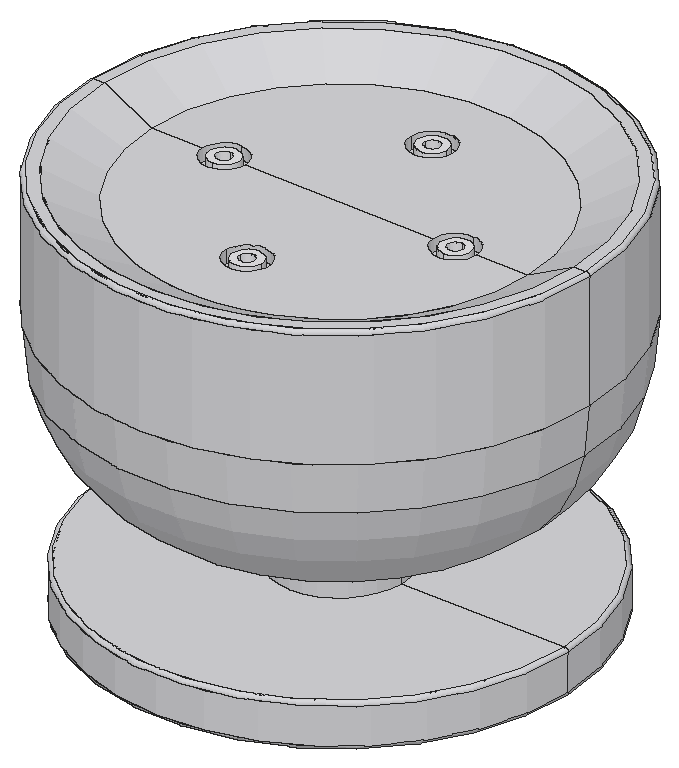
Revit family "Shower-Body_Spray-KOHLER-K-26299T_1", category Plumbing Fixtures, host Face, Revit 2017
Family settings
  Host = Face
  Round Connector Dimension = Use Diameter
  Part Type = Normal
  OmniClass Number = 23.31.17.00
  OmniClass Title = Showers
  Cut with Voids When Loaded = No
  Shared = No
  Room Calculation Point = No
Parameters (values of type "CP-Polished Chrome")
  Width = 2 97/128"  # constant formula
  WaterSense Certified = 1 = 0  # no
  Waste Water Outlet = "Waste Water Outlet"  # constant formula
  Waste Connection = 1 = 0  # no
  Vent Connection = 1 = 0  # no
  URL = "http://www.kohler.com.cn/"
  Type = 1
  Product Page URL = ""
  Product Name = ""
  Product Documentation Link = ""
  Pressure = 80.00 psi  # constant formula
  Model = if(Type = 1, "K-26299T-CP", if(Type = 2, "K-26299T-BN", if(Type = 3, "K-26299T-BL", if(Type = 4, "K-26299T-AF", if(Type = 5, "K-26299T-RGD", if(Type = 6, "K-26299T-2MB", "NA"))))))  # "K-26299T-CP"
  Material = "Plastic"  # constant formula
  Master Format 2014 Name = "Residential Showers"  # constant formula
  Master Format 2014 = "22 42 23"  # constant formula
  Manufacturer Address = "Kohler Beijing Office (100016) 36-2-03-B, No. 88, Liuxiang Road, Beijing"  # constant formula
  Manufacturer = "KOHLER Co."  # constant formula
  Length = 2 17/128"  # constant formula
  Hot Water Inlet = "Tempered Water Inlet"  # constant formula
  Height = 2 97/128"  # constant formula
  HW Connection = 1 = 1  # yes
  Flow Rate = 2.5 GPM  # constant formula
  Finish = KOHLER-Plastic-CP-Polished_Chrome
  Environmental Product Declaration = ""
  Drain Included = 1 = 0  # no
  Description = "Round Rotator Body Spray"  # constant formula
  Default Elevation = 42"
  Declare Label = ""
  Date Modified = "02/04/2021"  # constant formula
  Date Created = "02/04/2021"  # constant formula
  Copyright = "Copyright KOHLER Co."  # constant formula
  Contact Us = "http://www.kohler.com.cn/contact/contact-us/"
  Cold Water Inlet = "Cold Water Inlet"  # constant formula
  CW Connection = 1 = 0  # no
  Assembly Code = "D2010700"
  ADA Compliant = 1 = 0  # no
Types (7): name | Type | Model | Finish
  (no name) | 1 | "K-26299T-CP" | KOHLER-Plastic-CP-Polished_Chrome
  CP-Polished Chrome | 1 | "K-26299T-CP" | KOHLER-Plastic-CP-Polished_Chrome
  BN-Vibrant Brushed Nickel | 2 | "K-26299T-BN" | KOHLER-Plastic-BN-Vibrant_Brushed_Nickel
  BL-Matte Black | 3 | "K-26299T-BL" | KOHLER-Plastic-BL-Matte_Black
  AF-Vibrant French Gold | 4 | "K-26299T-AF" | KOHLER-Plastic-AF-Vibrant_French_Gold
  RGD-Rose Gold | 5 | "K-26299T-RGD" | Kohler-Plastic-RGD-Rose_Gold
  2MB-Vibrant Brushed Moderne Brass | 6 | "K-26299T-2MB" | KOHLER-Plastic-2MB-Vibrant_Brushed_Moderne_Brass
Reference planes (in)
  plane 1 "Center (Front/Back)": y = 0
  plane 2: z = 0
  plane 3 "Center (Left/Right)": x = 0
  plane 4: x = 1.37795
  plane 5: y = 1.37795
  plane 6: y = -1.37986
  plane 7: x = -1.37986
  plane 8: z = -0.00105
  plane 9: z = 0.23622
  plane 10: x = -1.25984
  plane 11: x = 1.25984
  plane 12: z = 2.13281
Dimensions and locks (in)
  "Width": plane 7 to plane 4
  "Height": plane 6 to plane 5
  "Length": plane 12 to level
  plane 9 to plane 12 = 1.89659"
  aligned and locked: plane 2 to host face
  aligned and locked: level to host face
  aligned and locked: plane 3 "Center (Left/Right)" to nested 1
  aligned and locked: plane 1 "Center (Front/Back)" to nested 1
  aligned and locked: level to nested 1
Automatic sketch dimensions
  host sketch curve to host sketch curve = 96"  (x2)
Nested families (in)
  nested 1: "K-26299T" at (0, 0, -2.21654), type "K-26299T"
Connectors (in)
  piping at (0, 0, 0), diameter 0.5, driven by "Flow Rate", driven by "Pressure", driven by "HW Connection", driven by "Hot Water Inlet"
    settings: on nested 1, index 1, connector inside diameter 24", connector length 0", flow factor 0, pipe flow 2.5 GPM, pressure drop 80.00 psi, fitting loss kfactor 0, connector angle 0.00°, fixture units 0, engagement length 0", angle of deflection 0.00°, flow configuration 1, flow direction 1, fitting loss method 4, system type 19, joint type 0, gender type 0, connector reference index -1, connector utility 1, adjustable connector no, is connector primary yes, connector description "Tempered Water Inlet"
Definition of nested family "K-26299T"
  Parameters (values of type "K-26299T")
    Material = none
  Reference planes (in)
    plane 1 "Center (Front/Back)": y = 0
    plane 2: z = 0
    plane 3 "Center (Left/Right)": x = 0
    plane 4: x = 1.37795
    plane 5: y = 1.37795
    plane 6: x = -1.37795
    plane 7: y = -1.37795
    plane 8: z = 4.35039
    plane 9: z = 2.45276
    plane 10: z = 2.21654
    plane 11: x = 1.25984
    plane 12: x = -1.25984
  Forms (in)
    Revolve 1, solid, material <- "Material", detail levels medium+fine
      sketch origin (0, 0, 0) x (1, 0, 0) y (0, 0, 1)
        loop
          line (0, 4.35039) -> (-1.35675, 4.35039)
          arc (-1.35675, 4.35039) -> (-1.37174, 4.34418) -> (-1.37795, 4.32919) r 0.0212
          line (-1.37795, 4.32919) -> (-1.37795, 3.69162)
          arc (-1.37795, 3.69162) -> (-1.37117, 3.56508) -> (-1.35297, 3.43967) r 1.39943
          arc (-1.35297, 3.43967) -> (-1.16704, 3.05311) -> (-0.81416, 2.80926) r 0.83772
          arc (-0.81416, 2.80926) -> (-0.67856, 2.77329) -> (-0.5388, 2.76117) r 0.81244
          arc (-0.5388, 2.76117) -> (-0.40049, 2.70388) -> (-0.34319, 2.56557) r 0.1956
          line (-0.34319, 2.56557) -> (-0.34319, 2.45276) -> (0, 2.45276) -> (0, 4.35039)
        axis (0, 2.45276) -> (0, 4.35039)
      angle from 0 to 360
    Revolve 2, void
      sketch origin (0, 0, 0) x (1, 0, 0) y (0, 0, 1)
        loop
          line (0, 4.21941) -> (0, 4.39983) -> (-1.39173, 4.39983) -> (-1.03764, 4.21941) -> (0, 4.21941)
        axis (0, 4.39983) -> (0, 4.21941)
      angle from 0 to 360
    Extrusion 3, void
      sketch origin (0, 0, 0) x (1, 0, 0) y (0, 1, 0)
        loop
          circle (0, -0.6381) r 0.11811
      from 4.15185 to 4.49858
    Extrusion 4, void
      sketch origin (0, 0, 0) x (1, 0, 0) y (0, 1, 0)
        loop
          circle (0, 0.6381) r 0.11811
      from 4.15185 to 4.49858
    Extrusion 5, void
      sketch origin (0, 0, 0) x (0, 1, 0) y (-1, 0, 0)
        loop
          circle (0, 0.6381) r 0.11811
      from 4.15185 to 4.49858
    Extrusion 6, void
      sketch origin (0, 0, 0) x (0, 1, 0) y (-1, 0, 0)
        loop
          circle (0, -0.6381) r 0.11811
      from 4.15185 to 4.49858
    Revolve 7, solid, material <- "Material", detail levels medium+fine
      sketch origin (0, 0, 0) x (1, 0, 0) y (0, 0, 1)
        loop
          line (0, 2.21654) -> (0, 2.45276) -> (-1.23861, 2.45276)
          arc (-1.23861, 2.45276) -> (-1.25362, 2.44654) -> (-1.25984, 2.43152) r 0.02123
          line (-1.25984, 2.43152) -> (-1.25984, 2.23622)
          arc (-1.25984, 2.23622) -> (-1.25408, 2.2223) -> (-1.24016, 2.21654) r 0.01969
          line (-1.24016, 2.21654) -> (0, 2.21654)
        axis (0, 2.21654) -> (0, 2.45276)
      angle from 0 to 360
    Revolve 8, solid, material <- "Material", detail levels coarse
      sketch origin (0, 0, 0) x (1, 0, 0) y (0, 0, 1)
        loop
          line (-1.30906, 2.21654) -> (0, 2.21654) -> (0, 2.45276) -> (-1.30906, 2.45276) -> (-1.30906, 2.21654)
        axis (0, 2.21654) -> (0, 2.45276)
      angle from 0 to 360
    Extrusion 9, solid, material <- "Material", detail levels medium+fine
      sketch origin (0, 0, 0) x (1, 0, 0) y (0, 1, 0)
        loop
          circle (0, 0) r 0.25
      from 2.21654 to 2.30336
    Extrusion 10, solid, detail levels medium+fine
      sketch origin (0, 0, 0) x (1, 0, 0) y (0, 1, 0)
        loop
          circle (0, 0.6381) r 0.07874
        loop
          circle (0, 0.6381) r 0.04061
      from 4.15185 to 4.21941
    Extrusion 11, solid, detail levels medium+fine
      sketch origin (0, 0, 0) x (0, -1, 0) y (1, 0, 0)
        loop
          circle (0, 0.6381) r 0.07874
        loop
          circle (0, 0.6381) r 0.04061
      from 4.15185 to 4.21941
    Extrusion 12, solid, detail levels medium+fine
      sketch origin (0, 0, 0) x (0, -1, 0) y (1, 0, 0)
        loop
          circle (0, -0.6381) r 0.07874
        loop
          circle (0, -0.6381) r 0.04061
      from 4.15185 to 4.21941
    Extrusion 13, solid, detail levels medium+fine
      sketch origin (0, 0, 0) x (1, 0, 0) y (0, 1, 0)
        loop
          circle (0, -0.6381) r 0.07874
        loop
          circle (0, -0.6381) r 0.04061
      from 4.15185 to 4.21941
    Revolve 14, solid, material <- "Material", detail levels coarse
      sketch origin (0, 0, 0) x (1, 0, 0) y (0, 0, 1)
        loop
          line (-0.59055, 2.45276) -> (0, 2.45276) -> (0, 4.35752) -> (-1.47842, 4.35752) -> (-1.47842, 3.57012)
          arc (-1.47842, 3.57012) -> (-1.22261, 2.915) -> (-0.59055, 2.60659) r 0.96676
          line (-0.59055, 2.60659) -> (-0.59055, 2.45276)
        axis (0, 2.45276) -> (0, 4.35752)
      angle from 0 to 360
  Cuts and joins
    Revolve 2, Extrusion 3, Extrusion 4, Extrusion 5, Extrusion 6 cuts Revolve 1
    joined: Revolve 1, Revolve 7
    joined: Revolve 8, Revolve 14
    joined: Extrusion 10, Extrusion 11, Extrusion 12, Extrusion 13
  Lines and regions (in)
    Masking region 1
      outline origin (0, 0, 0) x (1, 0, 0) y (0, 1, 0)
        loop
          circle (0, 0) r 1.37795
    Masking region 2
      outline origin (0, 0, 0) x (1, 0, 0) y (0, 0, 1)
        loop
          arc (-1.23906, 2.45276) -> (-1.25376, 2.44667) -> (-1.25984, 2.43197) r 0.02078
          line (-1.25984, 2.43197) -> (-1.25984, 2.23719)
          arc (-1.25984, 2.23719) -> (-1.25379, 2.22258) -> (-1.23919, 2.21654) r 0.02065
          line (-1.23919, 2.21654) -> (1.23919, 2.21654)
          arc (1.23919, 2.21654) -> (1.25379, 2.22258) -> (1.25984, 2.23719) r 0.02065
          line (1.25984, 2.23719) -> (1.25984, 2.43197)
          arc (1.25984, 2.43197) -> (1.25376, 2.44667) -> (1.23906, 2.45276) r 0.02078
          line (1.23906, 2.45276) -> (0.34319, 2.45276) -> (0.34319, 2.55736)
          arc (0.34319, 2.55736) -> (0.40333, 2.70255) -> (0.54852, 2.76269) r 0.20533
          arc (0.54852, 2.76269) -> (1.04999, 2.93537) -> (1.33883, 3.38018) r 0.81449
          arc (1.33883, 3.38018) -> (1.37019, 3.55507) -> (1.37795, 3.73258) r 1.32972
          line (1.37795, 3.73258) -> (1.37795, 4.33071)
          arc (1.37795, 4.33071) -> (1.37219, 4.34463) -> (1.35827, 4.35039) r 0.01969
          line (1.35827, 4.35039) -> (-1.35827, 4.35039)
          arc (-1.35827, 4.35039) -> (-1.37219, 4.34463) -> (-1.37795, 4.33071) r 0.01969
          line (-1.37795, 4.33071) -> (-1.37795, 3.73258)
          arc (-1.37795, 3.73258) -> (-1.37019, 3.55507) -> (-1.33883, 3.38018) r 1.32972
          arc (-1.33883, 3.38018) -> (-1.04999, 2.93537) -> (-0.54852, 2.76269) r 0.81449
          arc (-0.54852, 2.76269) -> (-0.40333, 2.70255) -> (-0.34319, 2.55736) r 0.20533
          line (-0.34319, 2.55736) -> (-0.34319, 2.45276) -> (-1.23906, 2.45276)
    Masking region 3
      outline origin (0, 0, 0) x (0, 1, 0) y (0, 0, 1)
        loop
          arc (1.24051, 2.21654) -> (1.25461, 2.22237) -> (1.26045, 2.23647) r 0.01994
          line (1.26045, 2.23647) -> (1.26045, 2.43116)
          arc (1.26045, 2.43116) -> (1.25413, 2.44643) -> (1.23886, 2.45276) r 0.02159
          line (1.23886, 2.45276) -> (0.34319, 2.45276) -> (0.34319, 2.5615)
          arc (0.34319, 2.5615) -> (0.40246, 2.70458) -> (0.54555, 2.76385) r 0.20235
          arc (0.54555, 2.76385) -> (1.08967, 2.97054) -> (1.35935, 3.48634) r 0.81957
          arc (1.35935, 3.48634) -> (1.37152, 3.61274) -> (1.37795, 3.73955) r 2.79868
          line (1.37795, 3.73955) -> (1.37795, 4.33071)
          arc (1.37795, 4.33071) -> (1.37219, 4.34463) -> (1.35827, 4.35039) r 0.01969
          line (1.35827, 4.35039) -> (-1.35827, 4.35039)
          arc (-1.35827, 4.35039) -> (-1.37219, 4.34463) -> (-1.37795, 4.33071) r 0.01969
          line (-1.37795, 4.33071) -> (-1.37795, 3.73955)
          arc (-1.37795, 3.73955) -> (-1.37152, 3.61274) -> (-1.35935, 3.48634) r 2.79868
          arc (-1.35935, 3.48634) -> (-1.08967, 2.97054) -> (-0.54555, 2.76385) r 0.81957
          arc (-0.54555, 2.76385) -> (-0.40246, 2.70458) -> (-0.34319, 2.5615) r 0.20235
          line (-0.34319, 2.5615) -> (-0.34319, 2.45276) -> (-1.23886, 2.45276)
          arc (-1.23886, 2.45276) -> (-1.25413, 2.44643) -> (-1.26045, 2.43116) r 0.02159
          line (-1.26045, 2.43116) -> (-1.26045, 2.23647)
          arc (-1.26045, 2.23647) -> (-1.25461, 2.22237) -> (-1.24051, 2.21654) r 0.01994
          line (-1.24051, 2.21654) -> (1.24051, 2.21654)
    symbolic lines, detail levels medium+fine
      curve 1: circle (0, 0, 0) r 1.06399 normal (0, 0, -1)
      curve 2: circle (0, 0, 0) r 1.29472 normal (0, 0, -1)
      curve 3: circle (0, 0.6381, 0) r 0.11811 normal (0, 0, 1)
      curve 4: circle (0.6381, 0, 0) r 0.11811 normal (0, 0, 1)
      curve 5: circle (0, -0.6381, 0) r 0.11811 normal (0, 0, -1)
      curve 6: circle (-0.6381, 0, 0) r 0.11811 normal (0, 0, -1)
      curve 7: line (-0.34319, 0, 2.45276) -> (0.34319, 0, 2.45276)
      curve 8: line (-0.34319, 0, 2.55736) -> (0.34319, 0, 2.55736)
      curve 9: line (-0.54852, 0, 2.76269) -> (0.54852, 0, 2.76269)
      curve 10: line (-1.37795, 0, 3.73258) -> (1.37795, 0, 3.73258)
      curve 11: line (-1.37795, 0, 4.33071) -> (1.37795, 0, 4.33071)
      curve 12: line (0, 1.37795, 3.69162) -> (0, -1.37795, 3.69162)
      curve 13: line (0, 0.54555, 2.76385) -> (0, -0.54555, 2.76385)
      curve 14: line (0, 0.34319, 2.5615) -> (0, -0.34319, 2.5615)
      curve 15: line (0, 0.34319, 2.45276) -> (0, -0.34319, 2.45276)
      curve 16: circle (-0.6381, 0, 0) r 0.07874 normal (0, 0, 1)
      curve 17: circle (-0.6381, 0, 0) r 0.04061 normal (0, 0, -1)
      curve 18: circle (0.6381, 0, 0) r 0.07874 normal (0, 0, -1)
      curve 19: circle (0.6381, 0, 0) r 0.04061 normal (0, 0, 1)
      curve 20: circle (0, -0.6381, 0) r 0.07874 normal (0, 0, -1)
      curve 21: circle (0, -0.6381, 0) r 0.04061 normal (0, 0, 1)
      curve 22: circle (0, 0.6381, 0) r 0.07874 normal (0, 0, 1)
      curve 23: circle (0, 0.6381, 0) r 0.04061 normal (0, 0, -1)
      curve 24: line (0, 1.37795, 4.33071) -> (0, -1.37795, 4.33071)
  Dimensions and locks (in)
    aligned and locked: level to plane 2
